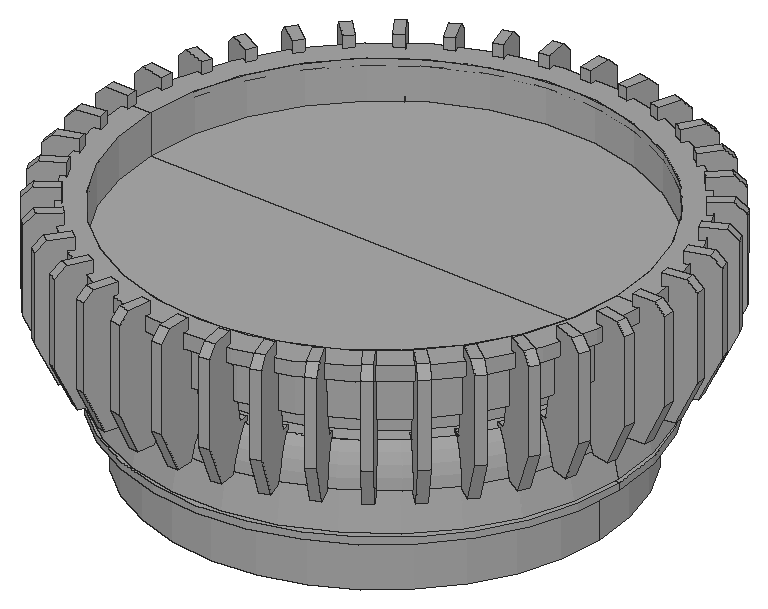
Revit family "KSL_Kemlux-Celing", category Lighting Fixtures, host Face, Revit 2013
Parameters (values of type "KSL-24L-X-5K-5M")
  Wattage Comments = "57 Watts"
  Wattage = 57 W
  Watt = 57 W
  built-in parameter 1150110 = 1 (stored number, unit not read)
  Voltage = 277 V
  URL = "http://www.hubbellindustrial.com/"
  built-in parameter 1114217 = 1 (stored number, unit not read)
  Tilt Angle = -90.00°
  built-in parameter 1150109 = 1 (stored number, unit not read)
  built-in parameter 1150134 = 2
  built-in parameter 1150113 = 1 (stored number, unit not read)
  Product Page URL = "http://www.hubbellindustrial.com/products/ksl"
  Product Documentation Link = "http://cdn.hubbellindustrial.com/content/products/specs/specs_files/hil_ksl_spec_sheet.pdf"
  Power Factor = 1
  Photometric Web Link = "http://www.hubbellindustrial.com/products/ksl"
  Photometric Web File = "KXL-24L-X-5K-5M.ies"
  Optics = "Type V Square"
  Mount = "Celing Mount"  # constant formula
  Model = "KSL - Kemlux III LED Series"  # constant formula
  Material Finish = Powdercoat - Hubbell - Gray
  Manufacturer Phone = "864-678-1000"  # constant formula
  Manufacturer Fax = "866-898-0131"  # constant formula
  Manufacturer = "Hubbell Industrial Lighting"  # constant formula
  built-in parameter 1150105 = 476.27 (stored number, unit not read)
  Lumens = 5985 lm
  built-in parameter 1150115 = 1 (stored number, unit not read)
  Load Classification = Lighting
  built-in parameter 1150137 = (empty or 0)
  built-in parameter 1150139 = (empty or 0)
  built-in parameter 1150112 = 1 (stored number, unit not read)
  built-in parameter 1150114 = 1 (stored number, unit not read)
  Lamp = "24 High Performanc LEDs"
  built-in parameter 1150132 = (empty or 0)
  built-in parameter 1150102 = (empty or 0)
  built-in parameter 1150107 = 5000 (stored number, unit not read)
  built-in parameter 1150138 = (empty or 0)
  built-in parameter 1150106 = 4.7627 (stored number, unit not read)
  Glass = Hubbell - White Glass
  Emit from Circle Diameter = 0' - 11"
  Emit Shape Visible in Rendering = no
  built-in parameter 1150104 = 9.7548 (stored number, unit not read)
  Dimming Lamp Color Temperature Shift = <None>
  Description = "Enclosed and gasketed LED fixture series"  # constant formula
  Default Elevation = 4' - 0"
  Color Filter = 16777215
  built-in parameter 1114218 = 1 (stored number, unit not read)
  built-in parameter 1150133 = 10 (stored number, unit not read)
  Apparent Load = Watt / Power Factor  # 57 VA
Reference planes (in)
  plane 1 "Center (Front/Back)": y = 0
  plane 2: z = 0
  plane 3 "Center (Left/Right)": x = 0
  plane 4: z = 1.31
  plane 5: z = 6
Forms (in)
  Extrusion 1, solid, material "Powdercoat - Hubbell - Gray" <- "Material Finish"
    sketch origin (0, 0, 0) x (1, 0, 0) y (0, 1, 0)
      loop
        circle (0, 0) r 5.5
    from 0 to 1.31
Lines and regions (in)
  reference lines
    curve 1: line (-5.55547, 0, 5.53932) -> (10.19453, 0, 5.53932)
    curve 2: line (7.29478, 0, 7.53677) -> (-0.62911, 0, -2.76915)
Dimensions and locks (in)
  locked: plane 4 to plane 2 at 1.31
  locked: plane 5 to plane 2 at 6
  aligned and locked: plane 2 to host face
  aligned and locked: level to host face
  aligned and locked: plane 3 "Center (Left/Right)" to imposter light
  aligned and locked: imposter light to plane 1 "Center (Front/Back)"
  aligned and locked: plane 4 to Extrusion 1
  aligned and locked: plane 3 "Center (Left/Right)" to nested 1
  aligned and locked: plane 1 "Center (Front/Back)" to nested 1
  aligned and locked: imposter light to nested 1
Nested families (in)
  nested 1: "KSL" at (0, 0, 1.31), type "KSL"
Connectors (in)
  electrical at (0, 0, 0), driven by "Load Classification", driven by "Voltage", driven by "Apparent Load", driven by "Power Factor"
    settings: on Extrusion 1, index 1, voltage 277 V, apparent load 57 VA, apparent load phase1 0 VA, apparent load phase2 0 VA, apparent load phase3 0 VA, power factor 1, load classification "Lighting", number of poles 1, system type 30, power factor state 1, is connector primary yes, connector utility no, sub classification motor no, connector description "Lighting Connector"
Definition of nested family "KSL"
  Parameters (values of type "KHL")
    Wattage Comments = ""
    URL = ""
    Model = ""
    Material Finish = none
    Manufacturer = ""
    Lamp = ""
    IES FILE LINK = ""
    Glass = none
    Description = ""
    Default Elevation = 4' - 0"
    Apparent Load = 0 VA
  Reference planes (in)
    plane 1 "Center (Front/Back)": y = 0
    plane 2: z = 0
    plane 3 "Center (Left/Right)": x = 0
    plane 4: x = -7.25
    plane 5: x = 7.25
    plane 6: x = -5.5
    plane 7: x = 5.5
  Forms (in)
    Extrusion 1, solid
      sketch origin (0, 0, 0) x (1, 0, 0) y (0, 1, 0)
        loop
          line (-48, 48) -> (-48, -48) -> (48, -48) -> (48, 48) -> (-48, 48)
      from 0 to -12
    Revolve 2, solid, material <- "Material Finish"
      sketch origin (0, 0, -1.3125) x (1, 0, 0) y (0, 0, 1)
        loop
          line (5.73742, 2.6875) -> (6.24933, 2.6875)
          arc (6.24933, 2.6875) -> (6.15662, 3.19814) -> (5.89032, 3.6436) r 1.45262
          line (5.89032, 3.6436) -> (5.5, 3.6436) -> (5.5, 4.37254) -> (6.34375, 4.37254) -> (6.34375, 5.37007) -> (6.59375, 5.37007) -> (6.59375, 5.71977) -> (5.95302, 5.71977) -> (5.95302, 4.75) -> (0, 4.75) -> (0, 1.3125) -> (6, 1.3125) -> (6, 1.47979) -> (5.5, 1.47979) -> (5.5, 1.5625) -> (5.99031, 1.5625) -> (5.73742, 2.6875)
        axis (0, 5.71977) -> (0, 1.3125)
      angle from 0 to 360
    Extrusion 3, solid, material <- "Glass"
      sketch origin (0, 0, -1.3125) x (1, 0, 0) y (0, 1, 0)
        loop
          circle (0, 0) r 5.95302
      from 5.71977 to 5.56262
    Extrusion 4, solid, material <- "Material Finish"
      sketch origin (0, 0, -1.3125) x (1, 0, 0) y (0, 0, 1)
        loop
          line (6.42821, 6) -> (6.42821, 5.66655) -> (6.045, 3.7335) -> (5.75, 3.7335) -> (5.75, 3.06247) -> (6.1875, 3.06247) -> (6.31956, 2.66852) -> (6.75, 2.66852) -> (7.25, 3.69367) -> (7.25, 5.75) -> (7, 6) -> (6.42821, 6)
      from 0.125 to -0.125
    Extrusion 5, solid, material <- "Material Finish"
      sketch origin (0, 0, -1.3125) x (0.987688, -0.156434, 0) y (0, 0, 1)
        loop
          line (6.42821, 6) -> (6.42821, 5.66655) -> (6.045, 3.7335) -> (5.75, 3.7335) -> (5.75, 3.06247) -> (6.1875, 3.06247) -> (6.31956, 2.66852) -> (6.75, 2.66852) -> (7.25, 3.69367) -> (7.25, 5.75) -> (7, 6) -> (6.42821, 6)
      from 0.125 to -0.125
    Extrusion 6, solid, material <- "Material Finish"
      sketch origin (0, 0, -1.3125) x (0.951057, -0.309017, 0) y (0, 0, 1)
        loop
          line (6.42821, 6) -> (6.42821, 5.66655) -> (6.045, 3.7335) -> (5.75, 3.7335) -> (5.75, 3.06247) -> (6.1875, 3.06247) -> (6.31956, 2.66852) -> (6.75, 2.66852) -> (7.25, 3.69367) -> (7.25, 5.75) -> (7, 6) -> (6.42821, 6)
      from 0.125 to -0.125
    Extrusion 7, solid, material <- "Material Finish"
      sketch origin (0, 0, -1.3125) x (0.891007, -0.45399, 0) y (0, 0, 1)
        loop
          line (6.42821, 6) -> (6.42821, 5.66655) -> (6.045, 3.7335) -> (5.75, 3.7335) -> (5.75, 3.06247) -> (6.1875, 3.06247) -> (6.31956, 2.66852) -> (6.75, 2.66852) -> (7.25, 3.69367) -> (7.25, 5.75) -> (7, 6) -> (6.42821, 6)
      from 0.125 to -0.125
    Extrusion 8, solid, material <- "Material Finish"
      sketch origin (0, 0, -1.3125) x (0.809017, -0.587785, 0) y (0, 0, 1)
        loop
          line (6.42821, 6) -> (6.42821, 5.66655) -> (6.045, 3.7335) -> (5.75, 3.7335) -> (5.75, 3.06247) -> (6.1875, 3.06247) -> (6.31956, 2.66852) -> (6.75, 2.66852) -> (7.25, 3.69367) -> (7.25, 5.75) -> (7, 6) -> (6.42821, 6)
      from 0.125 to -0.125
    Extrusion 9, solid, material <- "Material Finish"
      sketch origin (0, 0, -1.3125) x (0.707107, -0.707107, 0) y (0, 0, 1)
        loop
          line (6.42821, 6) -> (6.42821, 5.66655) -> (6.045, 3.7335) -> (5.75, 3.7335) -> (5.75, 3.06247) -> (6.1875, 3.06247) -> (6.31956, 2.66852) -> (6.75, 2.66852) -> (7.25, 3.69367) -> (7.25, 5.75) -> (7, 6) -> (6.42821, 6)
      from 0.125 to -0.125
    Extrusion 10, solid, material <- "Material Finish"
      sketch origin (0, 0, -1.3125) x (0.587785, -0.809017, 0) y (0, 0, 1)
        loop
          line (6.42821, 6) -> (6.42821, 5.66655) -> (6.045, 3.7335) -> (5.75, 3.7335) -> (5.75, 3.06247) -> (6.1875, 3.06247) -> (6.31956, 2.66852) -> (6.75, 2.66852) -> (7.25, 3.69367) -> (7.25, 5.75) -> (7, 6) -> (6.42821, 6)
      from 0.125 to -0.125
    Extrusion 11, solid, material <- "Material Finish"
      sketch origin (0, 0, -1.3125) x (0.45399, -0.891007, 0) y (0, 0, 1)
        loop
          line (6.42821, 6) -> (6.42821, 5.66655) -> (6.045, 3.7335) -> (5.75, 3.7335) -> (5.75, 3.06247) -> (6.1875, 3.06247) -> (6.31956, 2.66852) -> (6.75, 2.66852) -> (7.25, 3.69367) -> (7.25, 5.75) -> (7, 6) -> (6.42821, 6)
      from 0.125 to -0.125
    Extrusion 12, solid, material <- "Material Finish"
      sketch origin (0, 0, -1.3125) x (0.309017, -0.951057, 0) y (0, 0, 1)
        loop
          line (6.42821, 6) -> (6.42821, 5.66655) -> (6.045, 3.7335) -> (5.75, 3.7335) -> (5.75, 3.06247) -> (6.1875, 3.06247) -> (6.31956, 2.66852) -> (6.75, 2.66852) -> (7.25, 3.69367) -> (7.25, 5.75) -> (7, 6) -> (6.42821, 6)
      from 0.125 to -0.125
    Extrusion 13, solid, material <- "Material Finish"
      sketch origin (0, 0, -1.3125) x (0.156434, -0.987688, 0) y (0, 0, 1)
        loop
          line (6.42821, 6) -> (6.42821, 5.66655) -> (6.045, 3.7335) -> (5.75, 3.7335) -> (5.75, 3.06247) -> (6.1875, 3.06247) -> (6.31956, 2.66852) -> (6.75, 2.66852) -> (7.25, 3.69367) -> (7.25, 5.75) -> (7, 6) -> (6.42821, 6)
      from 0.125 to -0.125
    Extrusion 14, solid, material <- "Material Finish"
      sketch origin (0, 0, -1.3125) x (0, -1, 0) y (0, 0, 1)
        loop
          line (6.42821, 6) -> (6.42821, 5.66655) -> (6.045, 3.7335) -> (5.75, 3.7335) -> (5.75, 3.06247) -> (6.1875, 3.06247) -> (6.31956, 2.66852) -> (6.75, 2.66852) -> (7.25, 3.69367) -> (7.25, 5.75) -> (7, 6) -> (6.42821, 6)
      from 0.125 to -0.125
    Extrusion 15, solid, material <- "Material Finish"
      sketch origin (0, 0, -1.3125) x (-0.156434, -0.987688, 0) y (0, 0, 1)
        loop
          line (6.42821, 6) -> (6.42821, 5.66655) -> (6.045, 3.7335) -> (5.75, 3.7335) -> (5.75, 3.06247) -> (6.1875, 3.06247) -> (6.31956, 2.66852) -> (6.75, 2.66852) -> (7.25, 3.69367) -> (7.25, 5.75) -> (7, 6) -> (6.42821, 6)
      from 0.125 to -0.125
    Extrusion 16, solid, material <- "Material Finish"
      sketch origin (0, 0, -1.3125) x (-0.309017, -0.951057, 0) y (0, 0, 1)
        loop
          line (6.42821, 6) -> (6.42821, 5.66655) -> (6.045, 3.7335) -> (5.75, 3.7335) -> (5.75, 3.06247) -> (6.1875, 3.06247) -> (6.31956, 2.66852) -> (6.75, 2.66852) -> (7.25, 3.69367) -> (7.25, 5.75) -> (7, 6) -> (6.42821, 6)
      from 0.125 to -0.125
    Extrusion 17, solid, material <- "Material Finish"
      sketch origin (0, 0, -1.3125) x (-0.45399, -0.891007, 0) y (0, 0, 1)
        loop
          line (6.42821, 6) -> (6.42821, 5.66655) -> (6.045, 3.7335) -> (5.75, 3.7335) -> (5.75, 3.06247) -> (6.1875, 3.06247) -> (6.31956, 2.66852) -> (6.75, 2.66852) -> (7.25, 3.69367) -> (7.25, 5.75) -> (7, 6) -> (6.42821, 6)
      from 0.125 to -0.125
    Extrusion 18, solid, material <- "Material Finish"
      sketch origin (0, 0, -1.3125) x (-0.587785, -0.809017, 0) y (0, 0, 1)
        loop
          line (6.42821, 6) -> (6.42821, 5.66655) -> (6.045, 3.7335) -> (5.75, 3.7335) -> (5.75, 3.06247) -> (6.1875, 3.06247) -> (6.31956, 2.66852) -> (6.75, 2.66852) -> (7.25, 3.69367) -> (7.25, 5.75) -> (7, 6) -> (6.42821, 6)
      from 0.125 to -0.125
    Extrusion 19, solid, material <- "Material Finish"
      sketch origin (0, 0, -1.3125) x (-0.707107, -0.707107, 0) y (0, 0, 1)
        loop
          line (6.42821, 6) -> (6.42821, 5.66655) -> (6.045, 3.7335) -> (5.75, 3.7335) -> (5.75, 3.06247) -> (6.1875, 3.06247) -> (6.31956, 2.66852) -> (6.75, 2.66852) -> (7.25, 3.69367) -> (7.25, 5.75) -> (7, 6) -> (6.42821, 6)
      from 0.125 to -0.125
    Extrusion 20, solid, material <- "Material Finish"
      sketch origin (0, 0, -1.3125) x (-0.809017, -0.587785, 0) y (0, 0, 1)
        loop
          line (6.42821, 6) -> (6.42821, 5.66655) -> (6.045, 3.7335) -> (5.75, 3.7335) -> (5.75, 3.06247) -> (6.1875, 3.06247) -> (6.31956, 2.66852) -> (6.75, 2.66852) -> (7.25, 3.69367) -> (7.25, 5.75) -> (7, 6) -> (6.42821, 6)
      from 0.125 to -0.125
    Extrusion 21, solid, material <- "Material Finish"
      sketch origin (0, 0, -1.3125) x (-0.891007, -0.45399, 0) y (0, 0, 1)
        loop
          line (6.42821, 6) -> (6.42821, 5.66655) -> (6.045, 3.7335) -> (5.75, 3.7335) -> (5.75, 3.06247) -> (6.1875, 3.06247) -> (6.31956, 2.66852) -> (6.75, 2.66852) -> (7.25, 3.69367) -> (7.25, 5.75) -> (7, 6) -> (6.42821, 6)
      from 0.125 to -0.125
    Extrusion 22, solid, material <- "Material Finish"
      sketch origin (0, 0, -1.3125) x (-0.951057, -0.309017, 0) y (0, 0, 1)
        loop
          line (6.42821, 6) -> (6.42821, 5.66655) -> (6.045, 3.7335) -> (5.75, 3.7335) -> (5.75, 3.06247) -> (6.1875, 3.06247) -> (6.31956, 2.66852) -> (6.75, 2.66852) -> (7.25, 3.69367) -> (7.25, 5.75) -> (7, 6) -> (6.42821, 6)
      from 0.125 to -0.125
    Extrusion 23, solid, material <- "Material Finish"
      sketch origin (0, 0, -1.3125) x (-0.987688, -0.156434, 0) y (0, 0, 1)
        loop
          line (6.42821, 6) -> (6.42821, 5.66655) -> (6.045, 3.7335) -> (5.75, 3.7335) -> (5.75, 3.06247) -> (6.1875, 3.06247) -> (6.31956, 2.66852) -> (6.75, 2.66852) -> (7.25, 3.69367) -> (7.25, 5.75) -> (7, 6) -> (6.42821, 6)
      from 0.125 to -0.125
    Extrusion 24, solid, material <- "Material Finish"
      sketch origin (0, 0, -1.3125) x (-1, 0, 0) y (0, 0, 1)
        loop
          line (6.42821, 6) -> (6.42821, 5.66655) -> (6.045, 3.7335) -> (5.75, 3.7335) -> (5.75, 3.06247) -> (6.1875, 3.06247) -> (6.31956, 2.66852) -> (6.75, 2.66852) -> (7.25, 3.69367) -> (7.25, 5.75) -> (7, 6) -> (6.42821, 6)
      from 0.125 to -0.125
    Extrusion 25, solid, material <- "Material Finish"
      sketch origin (0, 0, -1.3125) x (-0.987688, 0.156434, 0) y (0, 0, 1)
        loop
          line (6.42821, 6) -> (6.42821, 5.66655) -> (6.045, 3.7335) -> (5.75, 3.7335) -> (5.75, 3.06247) -> (6.1875, 3.06247) -> (6.31956, 2.66852) -> (6.75, 2.66852) -> (7.25, 3.69367) -> (7.25, 5.75) -> (7, 6) -> (6.42821, 6)
      from 0.125 to -0.125
    Extrusion 26, solid, material <- "Material Finish"
      sketch origin (0, 0, -1.3125) x (-0.951057, 0.309017, 0) y (0, 0, 1)
        loop
          line (6.42821, 6) -> (6.42821, 5.66655) -> (6.045, 3.7335) -> (5.75, 3.7335) -> (5.75, 3.06247) -> (6.1875, 3.06247) -> (6.31956, 2.66852) -> (6.75, 2.66852) -> (7.25, 3.69367) -> (7.25, 5.75) -> (7, 6) -> (6.42821, 6)
      from 0.125 to -0.125
    Extrusion 27, solid, material <- "Material Finish"
      sketch origin (0, 0, -1.3125) x (-0.891007, 0.45399, 0) y (0, 0, 1)
        loop
          line (6.42821, 6) -> (6.42821, 5.66655) -> (6.045, 3.7335) -> (5.75, 3.7335) -> (5.75, 3.06247) -> (6.1875, 3.06247) -> (6.31956, 2.66852) -> (6.75, 2.66852) -> (7.25, 3.69367) -> (7.25, 5.75) -> (7, 6) -> (6.42821, 6)
      from 0.125 to -0.125
    Extrusion 28, solid, material <- "Material Finish"
      sketch origin (0, 0, -1.3125) x (-0.809017, 0.587785, 0) y (0, 0, 1)
        loop
          line (6.42821, 6) -> (6.42821, 5.66655) -> (6.045, 3.7335) -> (5.75, 3.7335) -> (5.75, 3.06247) -> (6.1875, 3.06247) -> (6.31956, 2.66852) -> (6.75, 2.66852) -> (7.25, 3.69367) -> (7.25, 5.75) -> (7, 6) -> (6.42821, 6)
      from 0.125 to -0.125
    Extrusion 29, solid, material <- "Material Finish"
      sketch origin (0, 0, -1.3125) x (-0.707107, 0.707107, 0) y (0, 0, 1)
        loop
          line (6.42821, 6) -> (6.42821, 5.66655) -> (6.045, 3.7335) -> (5.75, 3.7335) -> (5.75, 3.06247) -> (6.1875, 3.06247) -> (6.31956, 2.66852) -> (6.75, 2.66852) -> (7.25, 3.69367) -> (7.25, 5.75) -> (7, 6) -> (6.42821, 6)
      from 0.125 to -0.125
    Extrusion 30, solid, material <- "Material Finish"
      sketch origin (0, 0, -1.3125) x (-0.587785, 0.809017, 0) y (0, 0, 1)
        loop
          line (6.42821, 6) -> (6.42821, 5.66655) -> (6.045, 3.7335) -> (5.75, 3.7335) -> (5.75, 3.06247) -> (6.1875, 3.06247) -> (6.31956, 2.66852) -> (6.75, 2.66852) -> (7.25, 3.69367) -> (7.25, 5.75) -> (7, 6) -> (6.42821, 6)
      from 0.125 to -0.125
    Extrusion 31, solid, material <- "Material Finish"
      sketch origin (0, 0, -1.3125) x (-0.45399, 0.891007, 0) y (0, 0, 1)
        loop
          line (6.42821, 6) -> (6.42821, 5.66655) -> (6.045, 3.7335) -> (5.75, 3.7335) -> (5.75, 3.06247) -> (6.1875, 3.06247) -> (6.31956, 2.66852) -> (6.75, 2.66852) -> (7.25, 3.69367) -> (7.25, 5.75) -> (7, 6) -> (6.42821, 6)
      from 0.125 to -0.125
    Extrusion 32, solid, material <- "Material Finish"
      sketch origin (0, 0, -1.3125) x (-0.309017, 0.951057, 0) y (0, 0, 1)
        loop
          line (6.42821, 6) -> (6.42821, 5.66655) -> (6.045, 3.7335) -> (5.75, 3.7335) -> (5.75, 3.06247) -> (6.1875, 3.06247) -> (6.31956, 2.66852) -> (6.75, 2.66852) -> (7.25, 3.69367) -> (7.25, 5.75) -> (7, 6) -> (6.42821, 6)
      from 0.125 to -0.125
    Extrusion 33, solid, material <- "Material Finish"
      sketch origin (0, 0, -1.3125) x (-0.156434, 0.987688, 0) y (0, 0, 1)
        loop
          line (6.42821, 6) -> (6.42821, 5.66655) -> (6.045, 3.7335) -> (5.75, 3.7335) -> (5.75, 3.06247) -> (6.1875, 3.06247) -> (6.31956, 2.66852) -> (6.75, 2.66852) -> (7.25, 3.69367) -> (7.25, 5.75) -> (7, 6) -> (6.42821, 6)
      from 0.125 to -0.125
    Extrusion 34, solid, material <- "Material Finish"
      sketch origin (0, 0, -1.3125) x (0, 1, 0) y (0, 0, 1)
        loop
          line (6.42821, 6) -> (6.42821, 5.66655) -> (6.045, 3.7335) -> (5.75, 3.7335) -> (5.75, 3.06247) -> (6.1875, 3.06247) -> (6.31956, 2.66852) -> (6.75, 2.66852) -> (7.25, 3.69367) -> (7.25, 5.75) -> (7, 6) -> (6.42821, 6)
      from 0.125 to -0.125
    Extrusion 35, solid, material <- "Material Finish"
      sketch origin (0, 0, -1.3125) x (0.156434, 0.987688, 0) y (0, 0, 1)
        loop
          line (6.42821, 6) -> (6.42821, 5.66655) -> (6.045, 3.7335) -> (5.75, 3.7335) -> (5.75, 3.06247) -> (6.1875, 3.06247) -> (6.31956, 2.66852) -> (6.75, 2.66852) -> (7.25, 3.69367) -> (7.25, 5.75) -> (7, 6) -> (6.42821, 6)
      from 0.125 to -0.125
    Extrusion 36, solid, material <- "Material Finish"
      sketch origin (0, 0, -1.3125) x (0.309017, 0.951057, 0) y (0, 0, 1)
        loop
          line (6.42821, 6) -> (6.42821, 5.66655) -> (6.045, 3.7335) -> (5.75, 3.7335) -> (5.75, 3.06247) -> (6.1875, 3.06247) -> (6.31956, 2.66852) -> (6.75, 2.66852) -> (7.25, 3.69367) -> (7.25, 5.75) -> (7, 6) -> (6.42821, 6)
      from 0.125 to -0.125
    Extrusion 37, solid, material <- "Material Finish"
      sketch origin (0, 0, -1.3125) x (0.45399, 0.891007, 0) y (0, 0, 1)
        loop
          line (6.42821, 6) -> (6.42821, 5.66655) -> (6.045, 3.7335) -> (5.75, 3.7335) -> (5.75, 3.06247) -> (6.1875, 3.06247) -> (6.31956, 2.66852) -> (6.75, 2.66852) -> (7.25, 3.69367) -> (7.25, 5.75) -> (7, 6) -> (6.42821, 6)
      from 0.125 to -0.125
    Extrusion 38, solid, material <- "Material Finish"
      sketch origin (0, 0, -1.3125) x (0.587785, 0.809017, 0) y (0, 0, 1)
        loop
          line (6.42821, 6) -> (6.42821, 5.66655) -> (6.045, 3.7335) -> (5.75, 3.7335) -> (5.75, 3.06247) -> (6.1875, 3.06247) -> (6.31956, 2.66852) -> (6.75, 2.66852) -> (7.25, 3.69367) -> (7.25, 5.75) -> (7, 6) -> (6.42821, 6)
      from 0.125 to -0.125
    Extrusion 39, solid, material <- "Material Finish"
      sketch origin (0, 0, -1.3125) x (0.707107, 0.707107, 0) y (0, 0, 1)
        loop
          line (6.42821, 6) -> (6.42821, 5.66655) -> (6.045, 3.7335) -> (5.75, 3.7335) -> (5.75, 3.06247) -> (6.1875, 3.06247) -> (6.31956, 2.66852) -> (6.75, 2.66852) -> (7.25, 3.69367) -> (7.25, 5.75) -> (7, 6) -> (6.42821, 6)
      from 0.125 to -0.125
    Extrusion 40, solid, material <- "Material Finish"
      sketch origin (0, 0, -1.3125) x (0.809017, 0.587785, 0) y (0, 0, 1)
        loop
          line (6.42821, 6) -> (6.42821, 5.66655) -> (6.045, 3.7335) -> (5.75, 3.7335) -> (5.75, 3.06247) -> (6.1875, 3.06247) -> (6.31956, 2.66852) -> (6.75, 2.66852) -> (7.25, 3.69367) -> (7.25, 5.75) -> (7, 6) -> (6.42821, 6)
      from 0.125 to -0.125
    Extrusion 41, solid, material <- "Material Finish"
      sketch origin (0, 0, -1.3125) x (0.891007, 0.45399, 0) y (0, 0, 1)
        loop
          line (6.42821, 6) -> (6.42821, 5.66655) -> (6.045, 3.7335) -> (5.75, 3.7335) -> (5.75, 3.06247) -> (6.1875, 3.06247) -> (6.31956, 2.66852) -> (6.75, 2.66852) -> (7.25, 3.69367) -> (7.25, 5.75) -> (7, 6) -> (6.42821, 6)
      from 0.125 to -0.125
    Extrusion 42, solid, material <- "Material Finish"
      sketch origin (0, 0, -1.3125) x (0.951057, 0.309017, 0) y (0, 0, 1)
        loop
          line (6.42821, 6) -> (6.42821, 5.66655) -> (6.045, 3.7335) -> (5.75, 3.7335) -> (5.75, 3.06247) -> (6.1875, 3.06247) -> (6.31956, 2.66852) -> (6.75, 2.66852) -> (7.25, 3.69367) -> (7.25, 5.75) -> (7, 6) -> (6.42821, 6)
      from 0.125 to -0.125
    Extrusion 43, solid, material <- "Material Finish"
      sketch origin (0, 0, -1.3125) x (0.987688, 0.156434, 0) y (0, 0, 1)
        loop
          line (6.42821, 6) -> (6.42821, 5.66655) -> (6.045, 3.7335) -> (5.75, 3.7335) -> (5.75, 3.06247) -> (6.1875, 3.06247) -> (6.31956, 2.66852) -> (6.75, 2.66852) -> (7.25, 3.69367) -> (7.25, 5.75) -> (7, 6) -> (6.42821, 6)
      from 0.125 to -0.125
  Lines and regions (in)
    reference lines
      curve 1: line (5.95302, 0, 4.75) -> (0, 0, 4.75)
      curve 2: line (5.95302, 0, 5.92266) -> (5.95302, 0, 4.75)
      curve 3: line (6.59375, 0, 5.37007) -> (6.59375, 0, 5.92266)
      curve 4: line (6.34375, 0, 5.37007) -> (6.59375, 0, 5.37007)
      curve 5: line (6.34375, 0, 4.37254) -> (5.5, 0, 4.37254)
      curve 6: line (6.34375, 0, 4.37254) -> (6.34375, 0, 5.37007)
      curve 7: arc (6.25, 0, 2.75) -> (6.14885, 0, 3.28681) -> (5.85927, 0, 3.75) r 1.47501
      curve 8: line (5.85927, 0, 2.75) -> (6.25, 0, 2.75)
      curve 9: line (5.85927, 0, 2.75) -> (5.85927, 0, 1.75)
      curve 10: line (5.85927, 0, 1.75) -> (4.74529, 0, 1.75)
      curve 11: line (5.85927, 0, 3.75) -> (4.8978, 0, 3.75)
      curve 12: line (5.10824, 0, 5.71977) -> (6.99125, 0, 5.71977)
  Dimensions and locks (in)
    equal spacing: plane 5, plane 3 "Center (Left/Right)", plane 4
    locked: plane 5 to plane 4 at 14.5
    equal spacing: plane 7, plane 3 "Center (Left/Right)", plane 6, locked at 5.5 each
    aligned and locked: plane 2 to Extrusion 1
    aligned and locked: level to Extrusion 1
    aligned and locked: Extrusion 3 sketch curve to Revolve 2
  Automatic sketch dimensions
    Extrusion 4 sketch curve to Extrusion 4 sketch curve = 0' - 0 7/16"
    Extrusion 4 sketch curve to Extrusion 4 sketch curve = 0' - 0.13206"
    Extrusion 4 sketch curve to Extrusion 4 sketch curve = 0' - 0.295"
    Extrusion 4 sketch curve to Extrusion 4 sketch curve = 0' - 0.38321"
    Extrusion 4 sketch curve to Extrusion 4 sketch curve = 0' - 0.43044"
    Extrusion 4 sketch curve to Extrusion 4 sketch curve = 0' - 0.57179"
    Extrusion 4 sketch curve to Extrusion 4 sketch curve = 0' - 0 1/4"  (x2)
    Extrusion 4 sketch curve to Extrusion 4 sketch curve = 0' - 0.39395"
    Extrusion 4 sketch curve to Extrusion 4 sketch curve = 0' - 1.02515"
    Extrusion 4 sketch curve to Extrusion 4 sketch curve = 0' - 0.67103"
    Extrusion 4 sketch curve to Extrusion 4 sketch curve = 0' - 1.93305"
    Extrusion 4 sketch curve to Extrusion 4 sketch curve = 0' - 0.08345"
    Extrusion 5 sketch curve to Extrusion 5 sketch curve = 0' - 0 7/16"
    Extrusion 5 sketch curve to Extrusion 5 sketch curve = 0' - 0.13206"
    Extrusion 5 sketch curve to Extrusion 5 sketch curve = 0' - 0.295"
    Extrusion 5 sketch curve to Extrusion 5 sketch curve = 0' - 0.38321"
    Extrusion 5 sketch curve to Extrusion 5 sketch curve = 0' - 0.43044"
    Extrusion 5 sketch curve to Extrusion 5 sketch curve = 0' - 0.57179"
    Extrusion 5 sketch curve to Extrusion 5 sketch curve = 0' - 0 1/4"  (x2)
    Extrusion 5 sketch curve to Extrusion 5 sketch curve = 0' - 0.39395"
    Extrusion 5 sketch curve to Extrusion 5 sketch curve = 0' - 1.02515"
    Extrusion 5 sketch curve to Extrusion 5 sketch curve = 0' - 0.67103"
    Extrusion 5 sketch curve to Extrusion 5 sketch curve = 0' - 1.93305"
    Extrusion 5 sketch curve to Extrusion 5 sketch curve = 0' - 0.08345"
    Extrusion 6 sketch curve to Extrusion 6 sketch curve = 0' - 0 7/16"
    Extrusion 6 sketch curve to Extrusion 6 sketch curve = 0' - 0.13206"
    Extrusion 6 sketch curve to Extrusion 6 sketch curve = 0' - 0.295"
    Extrusion 6 sketch curve to Extrusion 6 sketch curve = 0' - 0.38321"
    Extrusion 6 sketch curve to Extrusion 6 sketch curve = 0' - 0.43044"
    Extrusion 6 sketch curve to Extrusion 6 sketch curve = 0' - 0.57179"
    Extrusion 6 sketch curve to Extrusion 6 sketch curve = 0' - 0 1/4"  (x2)
    Extrusion 6 sketch curve to Extrusion 6 sketch curve = 0' - 0.39395"
    Extrusion 6 sketch curve to Extrusion 6 sketch curve = 0' - 1.02515"
    Extrusion 6 sketch curve to Extrusion 6 sketch curve = 0' - 0.67103"
    Extrusion 6 sketch curve to Extrusion 6 sketch curve = 0' - 1.93305"
    Extrusion 6 sketch curve to Extrusion 6 sketch curve = 0' - 0.08345"
    Extrusion 7 sketch curve to Extrusion 7 sketch curve = 0' - 0 7/16"
    Extrusion 7 sketch curve to Extrusion 7 sketch curve = 0' - 0.13206"
    Extrusion 7 sketch curve to Extrusion 7 sketch curve = 0' - 0.295"
    Extrusion 7 sketch curve to Extrusion 7 sketch curve = 0' - 0.38321"
    Extrusion 7 sketch curve to Extrusion 7 sketch curve = 0' - 0.43044"
    Extrusion 7 sketch curve to Extrusion 7 sketch curve = 0' - 0.57179"
    Extrusion 7 sketch curve to Extrusion 7 sketch curve = 0' - 0 1/4"  (x2)
    Extrusion 7 sketch curve to Extrusion 7 sketch curve = 0' - 0.39395"
    Extrusion 7 sketch curve to Extrusion 7 sketch curve = 0' - 1.02515"
    Extrusion 7 sketch curve to Extrusion 7 sketch curve = 0' - 0.67103"
    Extrusion 7 sketch curve to Extrusion 7 sketch curve = 0' - 1.93305"
    Extrusion 7 sketch curve to Extrusion 7 sketch curve = 0' - 0.08345"
    Extrusion 8 sketch curve to Extrusion 8 sketch curve = 0' - 0 7/16"
    Extrusion 8 sketch curve to Extrusion 8 sketch curve = 0' - 0.13206"
    Extrusion 8 sketch curve to Extrusion 8 sketch curve = 0' - 0.295"
    Extrusion 8 sketch curve to Extrusion 8 sketch curve = 0' - 0.38321"
    Extrusion 8 sketch curve to Extrusion 8 sketch curve = 0' - 0.43044"
    Extrusion 8 sketch curve to Extrusion 8 sketch curve = 0' - 0.57179"
    Extrusion 8 sketch curve to Extrusion 8 sketch curve = 0' - 0 1/4"  (x2)
    Extrusion 8 sketch curve to Extrusion 8 sketch curve = 0' - 0.39395"
    Extrusion 8 sketch curve to Extrusion 8 sketch curve = 0' - 1.02515"
    Extrusion 8 sketch curve to Extrusion 8 sketch curve = 0' - 0.67103"
    Extrusion 8 sketch curve to Extrusion 8 sketch curve = 0' - 1.93305"
    Extrusion 8 sketch curve to Extrusion 8 sketch curve = 0' - 0.08345"
    Extrusion 9 sketch curve to Extrusion 9 sketch curve = 0' - 0 7/16"
    Extrusion 9 sketch curve to Extrusion 9 sketch curve = 0' - 0.13206"
    Extrusion 9 sketch curve to Extrusion 9 sketch curve = 0' - 0.295"
    Extrusion 9 sketch curve to Extrusion 9 sketch curve = 0' - 0.38321"
    Extrusion 9 sketch curve to Extrusion 9 sketch curve = 0' - 0.43044"
    Extrusion 9 sketch curve to Extrusion 9 sketch curve = 0' - 0.57179"
    Extrusion 9 sketch curve to Extrusion 9 sketch curve = 0' - 0 1/4"  (x2)
    Extrusion 9 sketch curve to Extrusion 9 sketch curve = 0' - 0.39395"
    Extrusion 9 sketch curve to Extrusion 9 sketch curve = 0' - 1.02515"
    Extrusion 9 sketch curve to Extrusion 9 sketch curve = 0' - 0.67103"
    Extrusion 9 sketch curve to Extrusion 9 sketch curve = 0' - 1.93305"
    Extrusion 9 sketch curve to Extrusion 9 sketch curve = 0' - 0.08345"
    Extrusion 10 sketch curve to Extrusion 10 sketch curve = 0' - 0 7/16"
    Extrusion 10 sketch curve to Extrusion 10 sketch curve = 0' - 0.13206"
    Extrusion 10 sketch curve to Extrusion 10 sketch curve = 0' - 0.295"
    Extrusion 10 sketch curve to Extrusion 10 sketch curve = 0' - 0.38321"
    Extrusion 10 sketch curve to Extrusion 10 sketch curve = 0' - 0.43044"
    Extrusion 10 sketch curve to Extrusion 10 sketch curve = 0' - 0.57179"
    Extrusion 10 sketch curve to Extrusion 10 sketch curve = 0' - 0 1/4"  (x2)
    Extrusion 10 sketch curve to Extrusion 10 sketch curve = 0' - 0.39395"
    Extrusion 10 sketch curve to Extrusion 10 sketch curve = 0' - 1.02515"
    Extrusion 10 sketch curve to Extrusion 10 sketch curve = 0' - 0.67103"
    Extrusion 10 sketch curve to Extrusion 10 sketch curve = 0' - 1.93305"
    Extrusion 10 sketch curve to Extrusion 10 sketch curve = 0' - 0.08345"
    Extrusion 11 sketch curve to Extrusion 11 sketch curve = 0' - 0 7/16"
    Extrusion 11 sketch curve to Extrusion 11 sketch curve = 0' - 0.13206"
    Extrusion 11 sketch curve to Extrusion 11 sketch curve = 0' - 0.295"
    Extrusion 11 sketch curve to Extrusion 11 sketch curve = 0' - 0.38321"
    Extrusion 11 sketch curve to Extrusion 11 sketch curve = 0' - 0.43044"
    Extrusion 11 sketch curve to Extrusion 11 sketch curve = 0' - 0.57179"
    Extrusion 11 sketch curve to Extrusion 11 sketch curve = 0' - 0 1/4"  (x2)
    Extrusion 11 sketch curve to Extrusion 11 sketch curve = 0' - 0.39395"
    Extrusion 11 sketch curve to Extrusion 11 sketch curve = 0' - 1.02515"
    Extrusion 11 sketch curve to Extrusion 11 sketch curve = 0' - 0.67103"
    Extrusion 11 sketch curve to Extrusion 11 sketch curve = 0' - 1.93305"
    Extrusion 11 sketch curve to Extrusion 11 sketch curve = 0' - 0.08345"
    Extrusion 12 sketch curve to Extrusion 12 sketch curve = 0' - 0 7/16"
    Extrusion 12 sketch curve to Extrusion 12 sketch curve = 0' - 0.13206"
    Extrusion 12 sketch curve to Extrusion 12 sketch curve = 0' - 0.295"
    Extrusion 12 sketch curve to Extrusion 12 sketch curve = 0' - 0.38321"
    Extrusion 12 sketch curve to Extrusion 12 sketch curve = 0' - 0.43044"
    Extrusion 12 sketch curve to Extrusion 12 sketch curve = 0' - 0.57179"
    Extrusion 12 sketch curve to Extrusion 12 sketch curve = 0' - 0 1/4"  (x2)
    Extrusion 12 sketch curve to Extrusion 12 sketch curve = 0' - 0.39395"
    Extrusion 12 sketch curve to Extrusion 12 sketch curve = 0' - 1.02515"
    Extrusion 12 sketch curve to Extrusion 12 sketch curve = 0' - 0.67103"
    Extrusion 12 sketch curve to Extrusion 12 sketch curve = 0' - 1.93305"
    Extrusion 12 sketch curve to Extrusion 12 sketch curve = 0' - 0.08345"
    Extrusion 13 sketch curve to Extrusion 13 sketch curve = 0' - 0 7/16"
    Extrusion 13 sketch curve to Extrusion 13 sketch curve = 0' - 0.13206"
    Extrusion 13 sketch curve to Extrusion 13 sketch curve = 0' - 0.295"
    Extrusion 13 sketch curve to Extrusion 13 sketch curve = 0' - 0.38321"
    Extrusion 13 sketch curve to Extrusion 13 sketch curve = 0' - 0.43044"
    Extrusion 13 sketch curve to Extrusion 13 sketch curve = 0' - 0.57179"
    Extrusion 13 sketch curve to Extrusion 13 sketch curve = 0' - 0 1/4"  (x2)
    Extrusion 13 sketch curve to Extrusion 13 sketch curve = 0' - 0.39395"
    Extrusion 13 sketch curve to Extrusion 13 sketch curve = 0' - 1.02515"
    Extrusion 13 sketch curve to Extrusion 13 sketch curve = 0' - 0.67103"
    Extrusion 13 sketch curve to Extrusion 13 sketch curve = 0' - 1.93305"
    Extrusion 13 sketch curve to Extrusion 13 sketch curve = 0' - 0.08345"
    Extrusion 14 sketch curve to Extrusion 14 sketch curve = 0' - 0 7/16"
    Extrusion 14 sketch curve to Extrusion 14 sketch curve = 0' - 0.13206"
    Extrusion 14 sketch curve to Extrusion 14 sketch curve = 0' - 0.295"
    Extrusion 14 sketch curve to Extrusion 14 sketch curve = 0' - 0.38321"
    Extrusion 14 sketch curve to Extrusion 14 sketch curve = 0' - 0.43044"
    Extrusion 14 sketch curve to Extrusion 14 sketch curve = 0' - 0.57179"
    Extrusion 14 sketch curve to Extrusion 14 sketch curve = 0' - 0 1/4"  (x2)
    Extrusion 14 sketch curve to Extrusion 14 sketch curve = 0' - 0.39395"
    Extrusion 14 sketch curve to Extrusion 14 sketch curve = 0' - 1.02515"
    Extrusion 14 sketch curve to Extrusion 14 sketch curve = 0' - 0.67103"
    Extrusion 14 sketch curve to Extrusion 14 sketch curve = 0' - 1.93305"
    Extrusion 14 sketch curve to Extrusion 14 sketch curve = 0' - 0.08345"
    Extrusion 15 sketch curve to Extrusion 15 sketch curve = 0' - 0 7/16"
    Extrusion 15 sketch curve to Extrusion 15 sketch curve = 0' - 0.13206"
    Extrusion 15 sketch curve to Extrusion 15 sketch curve = 0' - 0.295"
    Extrusion 15 sketch curve to Extrusion 15 sketch curve = 0' - 0.38321"
    Extrusion 15 sketch curve to Extrusion 15 sketch curve = 0' - 0.43044"
    Extrusion 15 sketch curve to Extrusion 15 sketch curve = 0' - 0.57179"
    Extrusion 15 sketch curve to Extrusion 15 sketch curve = 0' - 0 1/4"  (x2)
    Extrusion 15 sketch curve to Extrusion 15 sketch curve = 0' - 0.39395"
    Extrusion 15 sketch curve to Extrusion 15 sketch curve = 0' - 1.02515"
    Extrusion 15 sketch curve to Extrusion 15 sketch curve = 0' - 0.67103"
    Extrusion 15 sketch curve to Extrusion 15 sketch curve = 0' - 1.93305"
    Extrusion 15 sketch curve to Extrusion 15 sketch curve = 0' - 0.08345"
    Extrusion 16 sketch curve to Extrusion 16 sketch curve = 0' - 0 7/16"
    Extrusion 16 sketch curve to Extrusion 16 sketch curve = 0' - 0.13206"
    Extrusion 16 sketch curve to Extrusion 16 sketch curve = 0' - 0.295"
    Extrusion 16 sketch curve to Extrusion 16 sketch curve = 0' - 0.38321"
    Extrusion 16 sketch curve to Extrusion 16 sketch curve = 0' - 0.43044"
    Extrusion 16 sketch curve to Extrusion 16 sketch curve = 0' - 0.57179"
    Extrusion 16 sketch curve to Extrusion 16 sketch curve = 0' - 0 1/4"  (x2)
    Extrusion 16 sketch curve to Extrusion 16 sketch curve = 0' - 0.39395"
    Extrusion 16 sketch curve to Extrusion 16 sketch curve = 0' - 1.02515"
    Extrusion 16 sketch curve to Extrusion 16 sketch curve = 0' - 0.67103"
    Extrusion 16 sketch curve to Extrusion 16 sketch curve = 0' - 1.93305"
    Extrusion 16 sketch curve to Extrusion 16 sketch curve = 0' - 0.08345"
    Extrusion 17 sketch curve to Extrusion 17 sketch curve = 0' - 0 7/16"
    Extrusion 17 sketch curve to Extrusion 17 sketch curve = 0' - 0.13206"
    Extrusion 17 sketch curve to Extrusion 17 sketch curve = 0' - 0.295"
    Extrusion 17 sketch curve to Extrusion 17 sketch curve = 0' - 0.38321"
    Extrusion 17 sketch curve to Extrusion 17 sketch curve = 0' - 0.43044"
    Extrusion 17 sketch curve to Extrusion 17 sketch curve = 0' - 0.57179"
    Extrusion 17 sketch curve to Extrusion 17 sketch curve = 0' - 0 1/4"  (x2)
    Extrusion 17 sketch curve to Extrusion 17 sketch curve = 0' - 0.39395"
    Extrusion 17 sketch curve to Extrusion 17 sketch curve = 0' - 1.02515"
    Extrusion 17 sketch curve to Extrusion 17 sketch curve = 0' - 0.67103"
    Extrusion 17 sketch curve to Extrusion 17 sketch curve = 0' - 1.93305"
    Extrusion 17 sketch curve to Extrusion 17 sketch curve = 0' - 0.08345"
    Extrusion 18 sketch curve to Extrusion 18 sketch curve = 0' - 0 7/16"
    Extrusion 18 sketch curve to Extrusion 18 sketch curve = 0' - 0.13206"
    Extrusion 18 sketch curve to Extrusion 18 sketch curve = 0' - 0.295"
    Extrusion 18 sketch curve to Extrusion 18 sketch curve = 0' - 0.38321"
    Extrusion 18 sketch curve to Extrusion 18 sketch curve = 0' - 0.43044"
    Extrusion 18 sketch curve to Extrusion 18 sketch curve = 0' - 0.57179"
    Extrusion 18 sketch curve to Extrusion 18 sketch curve = 0' - 0 1/4"  (x2)
    Extrusion 18 sketch curve to Extrusion 18 sketch curve = 0' - 0.39395"
    Extrusion 18 sketch curve to Extrusion 18 sketch curve = 0' - 1.02515"
    Extrusion 18 sketch curve to Extrusion 18 sketch curve = 0' - 0.67103"
    Extrusion 18 sketch curve to Extrusion 18 sketch curve = 0' - 1.93305"
    Extrusion 18 sketch curve to Extrusion 18 sketch curve = 0' - 0.08345"
    Extrusion 19 sketch curve to Extrusion 19 sketch curve = 0' - 0 7/16"
    Extrusion 19 sketch curve to Extrusion 19 sketch curve = 0' - 0.13206"
    Extrusion 19 sketch curve to Extrusion 19 sketch curve = 0' - 0.295"
    Extrusion 19 sketch curve to Extrusion 19 sketch curve = 0' - 0.38321"
    Extrusion 19 sketch curve to Extrusion 19 sketch curve = 0' - 0.43044"
    Extrusion 19 sketch curve to Extrusion 19 sketch curve = 0' - 0.57179"
    Extrusion 19 sketch curve to Extrusion 19 sketch curve = 0' - 0 1/4"  (x2)
    Extrusion 19 sketch curve to Extrusion 19 sketch curve = 0' - 0.39395"
    Extrusion 19 sketch curve to Extrusion 19 sketch curve = 0' - 1.02515"
    Extrusion 19 sketch curve to Extrusion 19 sketch curve = 0' - 0.67103"
    Extrusion 19 sketch curve to Extrusion 19 sketch curve = 0' - 1.93305"
    Extrusion 19 sketch curve to Extrusion 19 sketch curve = 0' - 0.08345"
    Extrusion 20 sketch curve to Extrusion 20 sketch curve = 0' - 0 7/16"
    Extrusion 20 sketch curve to Extrusion 20 sketch curve = 0' - 0.13206"
    Extrusion 20 sketch curve to Extrusion 20 sketch curve = 0' - 0.295"
    Extrusion 20 sketch curve to Extrusion 20 sketch curve = 0' - 0.38321"
    Extrusion 20 sketch curve to Extrusion 20 sketch curve = 0' - 0.43044"
    Extrusion 20 sketch curve to Extrusion 20 sketch curve = 0' - 0.57179"
    Extrusion 20 sketch curve to Extrusion 20 sketch curve = 0' - 0 1/4"  (x2)
    Extrusion 20 sketch curve to Extrusion 20 sketch curve = 0' - 0.39395"
    Extrusion 20 sketch curve to Extrusion 20 sketch curve = 0' - 1.02515"
    Extrusion 20 sketch curve to Extrusion 20 sketch curve = 0' - 0.67103"
    Extrusion 20 sketch curve to Extrusion 20 sketch curve = 0' - 1.93305"
    Extrusion 20 sketch curve to Extrusion 20 sketch curve = 0' - 0.08345"
    Extrusion 21 sketch curve to Extrusion 21 sketch curve = 0' - 0 7/16"
    Extrusion 21 sketch curve to Extrusion 21 sketch curve = 0' - 0.13206"
    Extrusion 21 sketch curve to Extrusion 21 sketch curve = 0' - 0.295"
    Extrusion 21 sketch curve to Extrusion 21 sketch curve = 0' - 0.38321"
    Extrusion 21 sketch curve to Extrusion 21 sketch curve = 0' - 0.43044"
    Extrusion 21 sketch curve to Extrusion 21 sketch curve = 0' - 0.57179"
    Extrusion 21 sketch curve to Extrusion 21 sketch curve = 0' - 0 1/4"  (x2)
    Extrusion 21 sketch curve to Extrusion 21 sketch curve = 0' - 0.39395"
    Extrusion 21 sketch curve to Extrusion 21 sketch curve = 0' - 1.02515"
    Extrusion 21 sketch curve to Extrusion 21 sketch curve = 0' - 0.67103"
    Extrusion 21 sketch curve to Extrusion 21 sketch curve = 0' - 1.93305"
    Extrusion 21 sketch curve to Extrusion 21 sketch curve = 0' - 0.08345"
    Extrusion 22 sketch curve to Extrusion 22 sketch curve = 0' - 0 7/16"
    Extrusion 22 sketch curve to Extrusion 22 sketch curve = 0' - 0.13206"
    Extrusion 22 sketch curve to Extrusion 22 sketch curve = 0' - 0.295"
    Extrusion 22 sketch curve to Extrusion 22 sketch curve = 0' - 0.38321"
    Extrusion 22 sketch curve to Extrusion 22 sketch curve = 0' - 0.43044"
    Extrusion 22 sketch curve to Extrusion 22 sketch curve = 0' - 0.57179"
    Extrusion 22 sketch curve to Extrusion 22 sketch curve = 0' - 0 1/4"  (x2)
    Extrusion 22 sketch curve to Extrusion 22 sketch curve = 0' - 0.39395"
    Extrusion 22 sketch curve to Extrusion 22 sketch curve = 0' - 1.02515"
    Extrusion 22 sketch curve to Extrusion 22 sketch curve = 0' - 0.67103"
    Extrusion 22 sketch curve to Extrusion 22 sketch curve = 0' - 1.93305"
    Extrusion 22 sketch curve to Extrusion 22 sketch curve = 0' - 0.08345"
    Extrusion 23 sketch curve to Extrusion 23 sketch curve = 0' - 0 7/16"
    Extrusion 23 sketch curve to Extrusion 23 sketch curve = 0' - 0.13206"
    Extrusion 23 sketch curve to Extrusion 23 sketch curve = 0' - 0.295"
    Extrusion 23 sketch curve to Extrusion 23 sketch curve = 0' - 0.38321"
    Extrusion 23 sketch curve to Extrusion 23 sketch curve = 0' - 0.43044"
    Extrusion 23 sketch curve to Extrusion 23 sketch curve = 0' - 0.57179"
    Extrusion 23 sketch curve to Extrusion 23 sketch curve = 0' - 0 1/4"  (x2)
    Extrusion 23 sketch curve to Extrusion 23 sketch curve = 0' - 0.39395"
    Extrusion 23 sketch curve to Extrusion 23 sketch curve = 0' - 1.02515"
    Extrusion 23 sketch curve to Extrusion 23 sketch curve = 0' - 0.67103"
    Extrusion 23 sketch curve to Extrusion 23 sketch curve = 0' - 1.93305"
    Extrusion 23 sketch curve to Extrusion 23 sketch curve = 0' - 0.08345"
    Extrusion 24 sketch curve to Extrusion 24 sketch curve = 0' - 0 7/16"
    Extrusion 24 sketch curve to Extrusion 24 sketch curve = 0' - 0.13206"
    Extrusion 24 sketch curve to Extrusion 24 sketch curve = 0' - 0.295"
    Extrusion 24 sketch curve to Extrusion 24 sketch curve = 0' - 0.38321"
    Extrusion 24 sketch curve to Extrusion 24 sketch curve = 0' - 0.43044"
    Extrusion 24 sketch curve to Extrusion 24 sketch curve = 0' - 0.57179"
    Extrusion 24 sketch curve to Extrusion 24 sketch curve = 0' - 0 1/4"  (x2)
    Extrusion 24 sketch curve to Extrusion 24 sketch curve = 0' - 0.39395"
    Extrusion 24 sketch curve to Extrusion 24 sketch curve = 0' - 1.02515"
    Extrusion 24 sketch curve to Extrusion 24 sketch curve = 0' - 0.67103"
    Extrusion 24 sketch curve to Extrusion 24 sketch curve = 0' - 1.93305"
    Extrusion 24 sketch curve to Extrusion 24 sketch curve = 0' - 0.08345"
    Extrusion 25 sketch curve to Extrusion 25 sketch curve = 0' - 0 7/16"
    Extrusion 25 sketch curve to Extrusion 25 sketch curve = 0' - 0.13206"
    Extrusion 25 sketch curve to Extrusion 25 sketch curve = 0' - 0.295"
    Extrusion 25 sketch curve to Extrusion 25 sketch curve = 0' - 0.38321"
    Extrusion 25 sketch curve to Extrusion 25 sketch curve = 0' - 0.43044"
    Extrusion 25 sketch curve to Extrusion 25 sketch curve = 0' - 0.57179"
    Extrusion 25 sketch curve to Extrusion 25 sketch curve = 0' - 0 1/4"  (x2)
    Extrusion 25 sketch curve to Extrusion 25 sketch curve = 0' - 0.39395"
    Extrusion 25 sketch curve to Extrusion 25 sketch curve = 0' - 1.02515"
    Extrusion 25 sketch curve to Extrusion 25 sketch curve = 0' - 0.67103"
    Extrusion 25 sketch curve to Extrusion 25 sketch curve = 0' - 1.93305"
    Extrusion 25 sketch curve to Extrusion 25 sketch curve = 0' - 0.08345"
    Extrusion 26 sketch curve to Extrusion 26 sketch curve = 0' - 0 7/16"
    Extrusion 26 sketch curve to Extrusion 26 sketch curve = 0' - 0.13206"
    Extrusion 26 sketch curve to Extrusion 26 sketch curve = 0' - 0.295"
    Extrusion 26 sketch curve to Extrusion 26 sketch curve = 0' - 0.38321"
    Extrusion 26 sketch curve to Extrusion 26 sketch curve = 0' - 0.43044"
    Extrusion 26 sketch curve to Extrusion 26 sketch curve = 0' - 0.57179"
    Extrusion 26 sketch curve to Extrusion 26 sketch curve = 0' - 0 1/4"  (x2)
    Extrusion 26 sketch curve to Extrusion 26 sketch curve = 0' - 0.39395"
    Extrusion 26 sketch curve to Extrusion 26 sketch curve = 0' - 1.02515"
    Extrusion 26 sketch curve to Extrusion 26 sketch curve = 0' - 0.67103"
    Extrusion 26 sketch curve to Extrusion 26 sketch curve = 0' - 1.93305"
    Extrusion 26 sketch curve to Extrusion 26 sketch curve = 0' - 0.08345"
    Extrusion 27 sketch curve to Extrusion 27 sketch curve = 0' - 0 7/16"
    Extrusion 27 sketch curve to Extrusion 27 sketch curve = 0' - 0.13206"
    Extrusion 27 sketch curve to Extrusion 27 sketch curve = 0' - 0.295"
    Extrusion 27 sketch curve to Extrusion 27 sketch curve = 0' - 0.38321"
    Extrusion 27 sketch curve to Extrusion 27 sketch curve = 0' - 0.43044"
    Extrusion 27 sketch curve to Extrusion 27 sketch curve = 0' - 0.57179"
    Extrusion 27 sketch curve to Extrusion 27 sketch curve = 0' - 0 1/4"  (x2)
    Extrusion 27 sketch curve to Extrusion 27 sketch curve = 0' - 0.39395"
    Extrusion 27 sketch curve to Extrusion 27 sketch curve = 0' - 1.02515"
    Extrusion 27 sketch curve to Extrusion 27 sketch curve = 0' - 0.67103"
    Extrusion 27 sketch curve to Extrusion 27 sketch curve = 0' - 1.93305"
    Extrusion 27 sketch curve to Extrusion 27 sketch curve = 0' - 0.08345"
    Extrusion 28 sketch curve to Extrusion 28 sketch curve = 0' - 0 7/16"
    Extrusion 28 sketch curve to Extrusion 28 sketch curve = 0' - 0.13206"
    Extrusion 28 sketch curve to Extrusion 28 sketch curve = 0' - 0.295"
    Extrusion 28 sketch curve to Extrusion 28 sketch curve = 0' - 0.38321"
    Extrusion 28 sketch curve to Extrusion 28 sketch curve = 0' - 0.43044"
    Extrusion 28 sketch curve to Extrusion 28 sketch curve = 0' - 0.57179"
    Extrusion 28 sketch curve to Extrusion 28 sketch curve = 0' - 0 1/4"  (x2)
    Extrusion 28 sketch curve to Extrusion 28 sketch curve = 0' - 0.39395"
    Extrusion 28 sketch curve to Extrusion 28 sketch curve = 0' - 1.02515"
    Extrusion 28 sketch curve to Extrusion 28 sketch curve = 0' - 0.67103"
    Extrusion 28 sketch curve to Extrusion 28 sketch curve = 0' - 1.93305"
    Extrusion 28 sketch curve to Extrusion 28 sketch curve = 0' - 0.08345"
    Extrusion 29 sketch curve to Extrusion 29 sketch curve = 0' - 0 7/16"
    Extrusion 29 sketch curve to Extrusion 29 sketch curve = 0' - 0.13206"
    Extrusion 29 sketch curve to Extrusion 29 sketch curve = 0' - 0.295"
    Extrusion 29 sketch curve to Extrusion 29 sketch curve = 0' - 0.38321"
    Extrusion 29 sketch curve to Extrusion 29 sketch curve = 0' - 0.43044"
    Extrusion 29 sketch curve to Extrusion 29 sketch curve = 0' - 0.57179"
    Extrusion 29 sketch curve to Extrusion 29 sketch curve = 0' - 0 1/4"  (x2)
    Extrusion 29 sketch curve to Extrusion 29 sketch curve = 0' - 0.39395"
    Extrusion 29 sketch curve to Extrusion 29 sketch curve = 0' - 1.02515"
    Extrusion 29 sketch curve to Extrusion 29 sketch curve = 0' - 0.67103"
    Extrusion 29 sketch curve to Extrusion 29 sketch curve = 0' - 1.93305"
    Extrusion 29 sketch curve to Extrusion 29 sketch curve = 0' - 0.08345"
    Extrusion 30 sketch curve to Extrusion 30 sketch curve = 0' - 0 7/16"
    Extrusion 30 sketch curve to Extrusion 30 sketch curve = 0' - 0.13206"
    Extrusion 30 sketch curve to Extrusion 30 sketch curve = 0' - 0.295"
    Extrusion 30 sketch curve to Extrusion 30 sketch curve = 0' - 0.38321"
    Extrusion 30 sketch curve to Extrusion 30 sketch curve = 0' - 0.43044"
    Extrusion 30 sketch curve to Extrusion 30 sketch curve = 0' - 0.57179"
    Extrusion 30 sketch curve to Extrusion 30 sketch curve = 0' - 0 1/4"  (x2)
    Extrusion 30 sketch curve to Extrusion 30 sketch curve = 0' - 0.39395"
    Extrusion 30 sketch curve to Extrusion 30 sketch curve = 0' - 1.02515"
    Extrusion 30 sketch curve to Extrusion 30 sketch curve = 0' - 0.67103"
    Extrusion 30 sketch curve to Extrusion 30 sketch curve = 0' - 1.93305"
    Extrusion 30 sketch curve to Extrusion 30 sketch curve = 0' - 0.08345"
    Extrusion 31 sketch curve to Extrusion 31 sketch curve = 0' - 0 7/16"
    Extrusion 31 sketch curve to Extrusion 31 sketch curve = 0' - 0.13206"
    Extrusion 31 sketch curve to Extrusion 31 sketch curve = 0' - 0.295"
    Extrusion 31 sketch curve to Extrusion 31 sketch curve = 0' - 0.38321"
    Extrusion 31 sketch curve to Extrusion 31 sketch curve = 0' - 0.43044"
    Extrusion 31 sketch curve to Extrusion 31 sketch curve = 0' - 0.57179"
    Extrusion 31 sketch curve to Extrusion 31 sketch curve = 0' - 0 1/4"  (x2)
    Extrusion 31 sketch curve to Extrusion 31 sketch curve = 0' - 0.39395"
    Extrusion 31 sketch curve to Extrusion 31 sketch curve = 0' - 1.02515"
    Extrusion 31 sketch curve to Extrusion 31 sketch curve = 0' - 0.67103"
    Extrusion 31 sketch curve to Extrusion 31 sketch curve = 0' - 1.93305"
    Extrusion 31 sketch curve to Extrusion 31 sketch curve = 0' - 0.08345"
    Extrusion 32 sketch curve to Extrusion 32 sketch curve = 0' - 0 7/16"
    Extrusion 32 sketch curve to Extrusion 32 sketch curve = 0' - 0.13206"
    Extrusion 32 sketch curve to Extrusion 32 sketch curve = 0' - 0.295"
    Extrusion 32 sketch curve to Extrusion 32 sketch curve = 0' - 0.38321"
    Extrusion 32 sketch curve to Extrusion 32 sketch curve = 0' - 0.43044"
    Extrusion 32 sketch curve to Extrusion 32 sketch curve = 0' - 0.57179"
    Extrusion 32 sketch curve to Extrusion 32 sketch curve = 0' - 0 1/4"  (x2)
    Extrusion 32 sketch curve to Extrusion 32 sketch curve = 0' - 0.39395"
    Extrusion 32 sketch curve to Extrusion 32 sketch curve = 0' - 1.02515"
    Extrusion 32 sketch curve to Extrusion 32 sketch curve = 0' - 0.67103"
    Extrusion 32 sketch curve to Extrusion 32 sketch curve = 0' - 1.93305"
    Extrusion 32 sketch curve to Extrusion 32 sketch curve = 0' - 0.08345"
    Extrusion 33 sketch curve to Extrusion 33 sketch curve = 0' - 0 7/16"
    Extrusion 33 sketch curve to Extrusion 33 sketch curve = 0' - 0.13206"
    Extrusion 33 sketch curve to Extrusion 33 sketch curve = 0' - 0.295"
    Extrusion 33 sketch curve to Extrusion 33 sketch curve = 0' - 0.38321"
    Extrusion 33 sketch curve to Extrusion 33 sketch curve = 0' - 0.43044"
    Extrusion 33 sketch curve to Extrusion 33 sketch curve = 0' - 0.57179"
    Extrusion 33 sketch curve to Extrusion 33 sketch curve = 0' - 0 1/4"  (x2)
    Extrusion 33 sketch curve to Extrusion 33 sketch curve = 0' - 0.39395"
    Extrusion 33 sketch curve to Extrusion 33 sketch curve = 0' - 1.02515"
    Extrusion 33 sketch curve to Extrusion 33 sketch curve = 0' - 0.67103"
    Extrusion 33 sketch curve to Extrusion 33 sketch curve = 0' - 1.93305"
    Extrusion 33 sketch curve to Extrusion 33 sketch curve = 0' - 0.08345"
    Extrusion 34 sketch curve to Extrusion 34 sketch curve = 0' - 0 7/16"
    Extrusion 34 sketch curve to Extrusion 34 sketch curve = 0' - 0.13206"
    Extrusion 34 sketch curve to Extrusion 34 sketch curve = 0' - 0.295"
    Extrusion 34 sketch curve to Extrusion 34 sketch curve = 0' - 0.38321"
    Extrusion 34 sketch curve to Extrusion 34 sketch curve = 0' - 0.43044"
    Extrusion 34 sketch curve to Extrusion 34 sketch curve = 0' - 0.57179"
    Extrusion 34 sketch curve to Extrusion 34 sketch curve = 0' - 0 1/4"  (x2)
    Extrusion 34 sketch curve to Extrusion 34 sketch curve = 0' - 0.39395"
    Extrusion 34 sketch curve to Extrusion 34 sketch curve = 0' - 1.02515"
    Extrusion 34 sketch curve to Extrusion 34 sketch curve = 0' - 0.67103"
    Extrusion 34 sketch curve to Extrusion 34 sketch curve = 0' - 1.93305"
    Extrusion 34 sketch curve to Extrusion 34 sketch curve = 0' - 0.08345"
    Extrusion 35 sketch curve to Extrusion 35 sketch curve = 0' - 0 7/16"
    Extrusion 35 sketch curve to Extrusion 35 sketch curve = 0' - 0.13206"
    Extrusion 35 sketch curve to Extrusion 35 sketch curve = 0' - 0.295"
    Extrusion 35 sketch curve to Extrusion 35 sketch curve = 0' - 0.38321"
    Extrusion 35 sketch curve to Extrusion 35 sketch curve = 0' - 0.43044"
    Extrusion 35 sketch curve to Extrusion 35 sketch curve = 0' - 0.57179"
    Extrusion 35 sketch curve to Extrusion 35 sketch curve = 0' - 0 1/4"  (x2)
    Extrusion 35 sketch curve to Extrusion 35 sketch curve = 0' - 0.39395"
    Extrusion 35 sketch curve to Extrusion 35 sketch curve = 0' - 1.02515"
    Extrusion 35 sketch curve to Extrusion 35 sketch curve = 0' - 0.67103"
    Extrusion 35 sketch curve to Extrusion 35 sketch curve = 0' - 1.93305"
    Extrusion 35 sketch curve to Extrusion 35 sketch curve = 0' - 0.08345"
    Extrusion 36 sketch curve to Extrusion 36 sketch curve = 0' - 0 7/16"
    Extrusion 36 sketch curve to Extrusion 36 sketch curve = 0' - 0.13206"
    Extrusion 36 sketch curve to Extrusion 36 sketch curve = 0' - 0.295"
    Extrusion 36 sketch curve to Extrusion 36 sketch curve = 0' - 0.38321"
    Extrusion 36 sketch curve to Extrusion 36 sketch curve = 0' - 0.43044"
    Extrusion 36 sketch curve to Extrusion 36 sketch curve = 0' - 0.57179"
    Extrusion 36 sketch curve to Extrusion 36 sketch curve = 0' - 0 1/4"  (x2)
    Extrusion 36 sketch curve to Extrusion 36 sketch curve = 0' - 0.39395"
    Extrusion 36 sketch curve to Extrusion 36 sketch curve = 0' - 1.02515"
    Extrusion 36 sketch curve to Extrusion 36 sketch curve = 0' - 0.67103"
    Extrusion 36 sketch curve to Extrusion 36 sketch curve = 0' - 1.93305"
    Extrusion 36 sketch curve to Extrusion 36 sketch curve = 0' - 0.08345"
    Extrusion 37 sketch curve to Extrusion 37 sketch curve = 0' - 0 7/16"
    Extrusion 37 sketch curve to Extrusion 37 sketch curve = 0' - 0.13206"
    Extrusion 37 sketch curve to Extrusion 37 sketch curve = 0' - 0.295"
    Extrusion 37 sketch curve to Extrusion 37 sketch curve = 0' - 0.38321"
    Extrusion 37 sketch curve to Extrusion 37 sketch curve = 0' - 0.43044"
    Extrusion 37 sketch curve to Extrusion 37 sketch curve = 0' - 0.57179"
    Extrusion 37 sketch curve to Extrusion 37 sketch curve = 0' - 0 1/4"  (x2)
    Extrusion 37 sketch curve to Extrusion 37 sketch curve = 0' - 0.39395"
    Extrusion 37 sketch curve to Extrusion 37 sketch curve = 0' - 1.02515"
    Extrusion 37 sketch curve to Extrusion 37 sketch curve = 0' - 0.67103"
    Extrusion 37 sketch curve to Extrusion 37 sketch curve = 0' - 1.93305"
    Extrusion 37 sketch curve to Extrusion 37 sketch curve = 0' - 0.08345"
    Extrusion 38 sketch curve to Extrusion 38 sketch curve = 0' - 0 7/16"
    Extrusion 38 sketch curve to Extrusion 38 sketch curve = 0' - 0.13206"
    Extrusion 38 sketch curve to Extrusion 38 sketch curve = 0' - 0.295"
    Extrusion 38 sketch curve to Extrusion 38 sketch curve = 0' - 0.38321"
    Extrusion 38 sketch curve to Extrusion 38 sketch curve = 0' - 0.43044"
    Extrusion 38 sketch curve to Extrusion 38 sketch curve = 0' - 0.57179"
    Extrusion 38 sketch curve to Extrusion 38 sketch curve = 0' - 0 1/4"  (x2)
    Extrusion 38 sketch curve to Extrusion 38 sketch curve = 0' - 0.39395"
    Extrusion 38 sketch curve to Extrusion 38 sketch curve = 0' - 1.02515"
    Extrusion 38 sketch curve to Extrusion 38 sketch curve = 0' - 0.67103"
    Extrusion 38 sketch curve to Extrusion 38 sketch curve = 0' - 1.93305"
    Extrusion 38 sketch curve to Extrusion 38 sketch curve = 0' - 0.08345"
    Extrusion 39 sketch curve to Extrusion 39 sketch curve = 0' - 0 7/16"
    Extrusion 39 sketch curve to Extrusion 39 sketch curve = 0' - 0.13206"
    Extrusion 39 sketch curve to Extrusion 39 sketch curve = 0' - 0.295"
    Extrusion 39 sketch curve to Extrusion 39 sketch curve = 0' - 0.38321"
    Extrusion 39 sketch curve to Extrusion 39 sketch curve = 0' - 0.43044"
    Extrusion 39 sketch curve to Extrusion 39 sketch curve = 0' - 0.57179"
    Extrusion 39 sketch curve to Extrusion 39 sketch curve = 0' - 0 1/4"  (x2)
    Extrusion 39 sketch curve to Extrusion 39 sketch curve = 0' - 0.39395"
    Extrusion 39 sketch curve to Extrusion 39 sketch curve = 0' - 1.02515"
    Extrusion 39 sketch curve to Extrusion 39 sketch curve = 0' - 0.67103"
    Extrusion 39 sketch curve to Extrusion 39 sketch curve = 0' - 1.93305"
    Extrusion 39 sketch curve to Extrusion 39 sketch curve = 0' - 0.08345"
    Extrusion 40 sketch curve to Extrusion 40 sketch curve = 0' - 0 7/16"
    Extrusion 40 sketch curve to Extrusion 40 sketch curve = 0' - 0.13206"
    Extrusion 40 sketch curve to Extrusion 40 sketch curve = 0' - 0.295"
